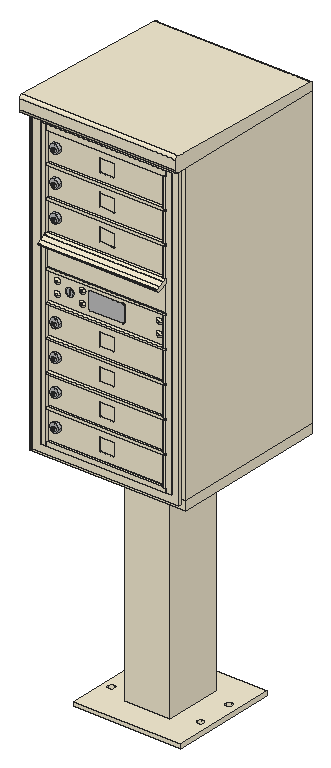
Revit family "Mailboxes_4C-Salsbury_Industries-Pedestal_Mounted-9_Door_High_Units", category Specialty Equipment, Revit 2016 (continued)
Definition of nested family "Mailboxes_4C-Salsbury_Industries-Front_Load-9_Door_High_Units"
  Dimensions and locks (in)
    aligned and locked: plane 14 "Bottom Horiz Trim Align" to curve 3
    aligned and locked: plane 51 "Row 9 Top Align" to nested 8
    aligned and locked: plane 53 "Row 7 Top Align" to nested 15
    aligned and locked: plane 53 "Row 7 Top Align" to nested 6
    aligned and locked: plane 54 "Row 6 Top Align" to nested 5
    aligned and locked: plane 56 "Row 4 Top Align" to nested 3
    aligned and locked: plane 56 "Row 4 Top Align" to nested 12
    aligned and locked: plane 52 "Row 8 Top Align" to nested 7
    aligned and locked: plane 55 "Row 5 Top Align" to nested 4
    aligned and locked: plane 54 "Row 6 Top Align" to nested 14
    aligned and locked: plane 31 "Door Alignment" to nested 18
    aligned and locked: plane 20 "Bottom Horiz Door Align" to nested 9
    aligned and locked: plane 20 "Bottom Horiz Door Align" to nested 18
    aligned and locked: plane 55 "Row 5 Top Align" to nested 13
    aligned and locked: plane 31 "Door Alignment" to nested 13
    aligned and locked: plane 91 to curve 13
  Automatic sketch dimensions
    Extrusion 2 sketch curve to plane 13 "Top Horiz Trim Align" = 0.000"
    Extrusion 2 sketch curve to plane 14 "Bottom Horiz Trim Align" = 0.000"
    plane 15 "Left Trim Align" to Extrusion 2 sketch curve = 0.000"
    Extrusion 2 sketch curve to plane 16 "Right Trim Align" = 0.000"
    Extrusion 3 sketch curve to plane 13 "Top Horiz Trim Align" = 0.000"
    plane 14 "Bottom Horiz Trim Align" to Extrusion 3 sketch curve = 0.000"
    plane 16 "Right Trim Align" to Extrusion 3 sketch curve = 0.000"
    Extrusion 3 sketch curve to plane 18 "Right Door Align" = 0.000"
    plane 13 "Top Horiz Trim Align" to Extrusion 5 sketch curve = 0.000"
    Extrusion 5 sketch curve to plane 14 "Bottom Horiz Trim Align" = 0.000"
    Extrusion 5 sketch curve to plane 15 "Left Trim Align" = 0.000"
    plane 17 "Left Door Align" to Extrusion 5 sketch curve = 0.000"
    plane 13 "Top Horiz Trim Align" to Extrusion 6 sketch curve = 0.000"
    Extrusion 6 sketch curve to plane 17 "Left Door Align" = 0.000"
    Extrusion 6 sketch curve to plane 18 "Right Door Align" = 0.000"
    Extrusion 6 sketch curve to plane 19 "Top Horiz Door Align" = 0.000"
    plane 4 "15" AFF" to Extrusion 4 sketch curve = 0.000"
    Extrusion 4 sketch curve to plane 14 "Bottom Horiz Trim Align" = 0.000"
    Extrusion 4 sketch curve to plane 17 "Left Door Align" = 0.000"
    Extrusion 4 sketch curve to plane 18 "Right Door Align" = 0.000"
    plane 21 "Front Face of Unit" to curve 12 = 1.165"
    curve 9 to Extrusion 8 = 0.000"
    curve 9 to plane 11 "Right Side of Unit" = 0.000"
    curve 7 to plane 21 "Front Face of Unit" = 0.000"
    curve 6 to plane 9 "Top of Unit" = 0.000"
    curve 5 to plane 18 "Right Door Align" = 0.000"
    Extrusion 8 sketch curve to Extrusion 8 sketch curve = 120.000"  (x2)
    Extrusion 7 sketch curve to plane 14 "Bottom Horiz Trim Align" = 0.000"
    Extrusion 7 sketch curve to plane 13 "Top Horiz Trim Align" = 0.000"
    plane 71 "Right Latch Align" to Extrusion 7 sketch curve = 0.000"
    plane 72 "Left Latch Align" to Extrusion 7 sketch curve = 0.000"
    curve 9 to plane 10 "Left Side of Unit" = 0.000"
  Nested families (in)
    nested 1: "3700 Series 4C Door Configurations" at (7.37475, -0.20495, 56) x (-1, 0, 0) z (0, 0, 1), type <- "Door Slot R1", Door Number <- "Door Slot R1 Number", type "MB1 Door"
      with Door Number "1"
    nested 2: "3700 Series 4C Door Configurations" at (7.37475, -0.20495, 52.5) x (-1, 0, 0) z (0, 0, 1), type <- "Door Slot R2", Door Number <- "Door Slot R2 Number", type "MB1 Door w/ Divider"
      with Door Number "2"
    nested 3: "3700 Series 4C Door Configurations" at (7.37475, -0.20495, 49) x (-1, 0, 0) z (0, 0, 1), type <- "Door Slot R3", Door Number <- "Door Slot R3 Number", type "MB1 Door w/ Divider"
      with Door Number "3"
    nested 4: "3700 Series 4C Door Configurations" at (7.37475, -0.20495, 45.5) x (-1, 0, 0) z (0, 0, 1), type <- "Door Slot R4", Door Number <- "Door Slot R4 Number", type "Empty"
      with Door Number "0"
    nested 5: "3700 Series 4C OM2 Configuration" at (7.37475, -0.20495, 42) x (-1, 0, 0) z (0, 0, 1), type <- "Door Slot R5", Door Number <- "Door Slot R5 Number", type "OM2-FL"
      with Door Number "0"
    nested 6: "3700 Series 4C Door Configurations" at (7.37475, -0.20495, 38.5) x (-1, 0, 0) z (0, 0, 1), type <- "Door Slot R6", Door Number <- "Door Slot R6 Number", type "MB1 Door w/ Divider"
      with Door Number "4"
    nested 7: "3700 Series 4C Door Configurations" at (7.37475, -0.20495, 35) x (-1, 0, 0) z (0, 0, 1), type <- "Door Slot R7", Door Number <- "Door Slot R7 Number", type "MB1 Door w/ Divider"
      with Door Number "5"
    nested 8: "3700 Series 4C Door Configurations" at (7.37475, -0.20495, 31.5) x (-1, 0, 0) z (0, 0, 1), type <- "Door Slot R8", Door Number <- "Door Slot R8 Number", type "MB1 Door w/ Divider"
      with Door Number "6"
    nested 9: "3700 Series 4C Door Configurations" at (7.37475, -0.20495, 28) x (-1, 0, 0) z (0, 0, 1), type <- "Door Slot R9", Door Number <- "Door Slot R9 Number", type "MB1 Door w/ Divider"
      with Door Number "7"
    nested 10: "3700 Series 4C Door Configurations" at (7.37891, -0.20495, 56) x (-1, 0, 0) z (0, 0, 1), type <- "Door Slot L1", Door Number <- "Door Slot L1 Number", type "Empty"
      with Door Number "0"
    nested 11: "3700 Series 4C Door Configurations" at (7.37891, -0.20495, 52.5) x (-1, 0, 0) z (0, 0, 1), type <- "Door Slot L2", Door Number <- "Door Slot L2 Number", type "Empty"
      with Door Number "0"
    nested 12: "3700 Series 4C Door Configurations" at (7.37891, -0.20495, 49) x (-1, 0, 0) z (0, 0, 1), type <- "Door Slot L3", Door Number <- "Door Slot L3 Number", type "Empty"
      with Door Number "0"
    nested 13: "3700 Series 4C Door Configurations" at (7.37891, -0.20495, 45.5) x (-1, 0, 0) z (0, 0, 1), type <- "Door Slot L4", Door Number <- "Door Slot L4 Number", type "Empty"
      with Door Number "0"
    nested 14: "3700 Series 4C Door Configurations" at (7.37891, -0.20495, 42) x (-1, 0, 0) z (0, 0, 1), type <- "Door Slot L5", Door Number <- "Door Slot L5 Number", type "Empty"
      with Door Number "0"
    nested 15: "3700 Series 4C Door Configurations" at (7.37891, -0.20495, 38.5) x (-1, 0, 0) z (0, 0, 1), type <- "Door Slot L6", Door Number <- "Door Slot L6 Number", type "Empty"
      with Door Number "0"
    nested 16: "3700 Series 4C Door Configurations" at (7.37891, -0.20495, 35) x (-1, 0, 0) z (0, 0, 1), type <- "Door Slot L7", Door Number <- "Door Slot L7 Number", type "Empty"
      with Door Number "0"
    nested 17: "3700 Series 4C Door Configurations" at (7.37891, -0.20495, 31.5) x (-1, 0, 0) z (0, 0, 1), type <- "Door Slot L8", Door Number <- "Door Slot L8 Number", type "Empty"
      with Door Number "0"
    nested 18: "3700 Series 4C Door Configurations" at (7.37891, -0.20495, 28) x (-1, 0, 0) z (0, 0, 1), type <- "Door Slot L9", Door Number <- "Door Slot L9 Number", type "Empty"
      with Door Number "0"
  Definition of nested family "3700 Series 4C Door Configurations"
    Parameters (values of type "MB3 Door")
      Weight = "15 lbs."
      Visible Door Number = yes
      URL = ""
      Model = "3700MB3"
      Manufacturer = "Salsbury Industries"
      Lock Material = none
      Inset Offset = 0.000"
      Front Panel Material = none
      Door Width = 13.375"
      Door Visibility-MB1 = yes
      Door Number [instance] = "101"
      Door Lock = yes
      Door Height = 10.23047"
      Door Divider = no
      Door Depth = 0.25391"
      Description = "MB3 Door for 3700 Series 4C Mailboxes"
      Cost = 0
      Center Lock-Vertical = 0.875"
      Center Lock-Horizontal = 1.61523"
    Types (11): name | Weight | Visible Door Number | Model | Inset Offset | Door Visibility-MB1 | Door Lock | Door Height | Door Divider | Description
      MB1 Door w/ Divider | "5 lbs." | yes | "3700MB1" | 0.000" | yes | yes | 3.23047" | yes | "MB1 Door for 3700 Series 4C Mailboxes"
      MB1 Door | "5 lbs." | yes | "3700MB1" | 0.000" | yes | yes | 3.23047" | no | "MB1 Door for 3700 Series 4C Mailboxes"
      MB2 Door | "10 lbs." | yes | "3700MB2" | 0.000" | yes | yes | 6.73047" | no | "MB2 Door for 3700 Series 4C Mailboxes"
      MB2 Door w/ Divider | "10 lbs." | yes | "3700MB2" | 0.000" | yes | yes | 6.73047" | yes | "MB2 Door for 3700 Series 4C Mailboxes"
      MB3 Door | "15 lbs." | yes | "3700MB3" | 0.000" | yes | yes | 10.23047" | no | "MB3 Door for 3700 Series 4C Mailboxes"
      MB3 Door w/ Divider | "15 lbs." | yes | "3700MB3" | 0.000" | yes | yes | 10.23047" | yes | "MB3 Door for 3700 Series 4C Mailboxes"
      MB4 Door | "20 lbs." | yes | "3700MB4" | 0.000" | yes | yes | 13.73047" | no | "MB4 Door for 3700 Series 4C Mailboxes"
      MB4 Door w/ Divider | "20 lbs." | yes | "3700MB4" | 0.000" | yes | yes | 13.73047" | yes | "MB4 Door for 3700 Series 4C Mailboxes"
      Blank Door | "5 lbs." | no | "3700MB1" | 0.18359" | yes | no | 3.23047" | no | "MB1 Door for 3700 Series 4C Mailboxes"
      Blank Door w/ Divider | "5 lbs." | no | "3700MB1" | 0.18402" | yes | no | 3.23047" | yes | "MB1 Door for 3700 Series 4C Mailboxes"
      Empty | "5 lbs." | no | "Empty MB1" | 0.18359" | no | no | 3.23047" | no | "Empty MB1 Door for 3700 Series 4C Mailboxes"
    Reference planes (in)
      plane 1 "Center (Front/Back)": y = 0
      plane 2 "Bottom of Door": z = 0
      plane 3 "Center (Left/Right)": x = 0
      plane 4 "Left Side Face of Door": x = -6.6875
      plane 5 "Right Side Face of Door": x = 6.6875
      plane 6 "Back Face of Door": y = 0.12695
      plane 7 "Front Face of Door": y = -0.12695
      plane 8: z = 10.23047
      plane 9: z = 5.11523
      plane 10 "Face of Divider": y = -0.46995
      plane 11 "Center Lock Vertical": x = -5.8125
      plane 12 "Center Lock Horizontal": z = 1.61523
      plane 13 "Face of Lock": y = -0.42383
      plane 14 "Divider Height Align": z = 10.50047
      plane 15 "Inset Center": x = -0.0975
      plane 16 "Inset Offset": y = -0.12695
      plane 17: z = 5.49038
      plane 18: z = 4.74072
    Forms (in)
      Extrusion 1, solid, material <- "Front Panel Material", visible <- "Door Visibility-MB1"
        sketch origin (0, 0, 0) x (1, 0, 0) y (0, 1, 0)
          loop
            line (-6.4355, 0.12695) -> (-6.6875, -0.05445) -> (-6.6875, -0.12695) -> (6.05625, -0.12695)
            arc (6.05625, -0.12695) -> (6.19558, -0.17661) -> (6.27209, -0.3032) r 0.22029
            arc (6.27209, -0.3032) -> (6.3553, -0.42132) -> (6.4925, -0.46664) r 0.23034
            arc (6.4925, -0.46664) -> (6.63039, -0.40952) -> (6.6875, -0.27164) r 0.195
            line (6.6875, -0.27164) -> (6.6875, 0.12695) -> (-6.4355, 0.12695)
        from 0 to 10.23047
      Blend 2, solid, material <- "Lock Material", visible <- "Door Lock"
        base sketch origin (0, -0.12695, 0) x (-1, 0, 0) y (0, 0, 1)
          loop
            circle (5.8125, 5.11523) r 0.525
        top sketch origin (0, -0.12695, 0) x (-1, 0, 0) y (0, 0, 1)
          loop
            circle (5.8125, 5.11523) r 0.485
        from 0 to -0.29688
      Extrusion 3, solid, material <- "Front Panel Material", visible <- "Door Divider"
        sketch origin (0, 0, 10.50047) x (-1, 0, 0) y (0, -1, 0)
          loop
            line (6.6875, -0.12695) -> (6.6875, 0.46995) -> (-6.6875, 0.46995) -> (-6.6875, -0.12695) -> (6.6875, -0.12695)
        from -0.27 to 0
      Extrusion 4, void, detail levels fine
        sketch origin (0, -0.42383, 0) x (1, 0, 0) y (0, 0, 1)
          loop
            circle (-5.8125, 4.99523) r 0.285
        from 0 to -0.01562
      Extrusion 5, void, detail levels fine
        sketch origin (0, -0.42383, 0) x (1, 0, 0) y (0, 0, 1)
          loop
            line (-5.84183, 5.12353) -> (-5.84183, 4.82353) -> (-5.78183, 4.82353) -> (-5.78183, 5.12353) -> (-5.84183, 5.12353)
        from 0 to -0.03906
      Extrusion 6, void, detail levels fine
        sketch origin (0, -0.12695, 0) x (0, 0, 1) y (-1, 0, 0)
          loop
            arc (5.86523, 0.8475) -> (5.82862, 0.93589) -> (5.74023, 0.9725) r 0.125
            line (5.74023, 0.9725) -> (4.49023, 0.9725)
            arc (4.49023, 0.9725) -> (4.40185, 0.93589) -> (4.36523, 0.8475) r 0.125
            line (4.36523, 0.8475) -> (4.36523, -0.6525)
            arc (4.36523, -0.6525) -> (4.40185, -0.74089) -> (4.49023, -0.7775) r 0.125
            line (4.49023, -0.7775) -> (5.74023, -0.7775)
            arc (5.74023, -0.7775) -> (5.82862, -0.74089) -> (5.86523, -0.6525) r 0.125
            line (5.86523, -0.6525) -> (5.86523, 0.8475)
        from 0 to -0.03906
    Cuts and joins
      Extrusion 4, Extrusion 5 cuts Blend 2
      Extrusion 6 cuts Extrusion 1
    Lines and regions (in)
      symbolic lines
        curve 1: circle (-5.8125, 0, 5.11523) r 0.53054 normal (0, -1, 0)
    Dimensions and locks (in)
      equal spacing: plane 6 "Back Face of Door", plane 1 "Center (Front/Back)", plane 7 "Front Face of Door"
      "Door Depth": plane 6 "Back Face of Door" to plane 7 "Front Face of Door"
      equal spacing: plane 4 "Left Side Face of Door", plane 3 "Center (Left/Right)", plane 5 "Right Side Face of Door"  (x2)
      "Door Width": plane 4 "Left Side Face of Door" to plane 5 "Right Side Face of Door"
      locked: plane 7 "Front Face of Door" to plane 10 "Face of Divider" at 0.343
      "Center Lock-Vertical": plane 4 "Left Side Face of Door" to plane 11 "Center Lock Vertical"
      "Inset Offset": plane 16 "Inset Offset" to plane 7 "Front Face of Door"
      plane 4 "Left Side Face of Door" to plane 5 "Right Side Face of Door" = 13.375"
      plane 6 "Back Face of Door" to plane 10 "Face of Divider" = 0.59691"
      "Door Height": plane 8 to plane 2 "Bottom of Door"
      equal spacing: plane 8, plane 9, plane 2 "Bottom of Door"
      locked: plane 14 "Divider Height Align" to plane 8 at 0.27
      plane 17 to plane 9 to plane 18 = 0.37515" locked, 0.37452" locked
      aligned and locked: level to plane 2 "Bottom of Door"
      aligned and locked: plane 4 "Left Side Face of Door" to Extrusion 1
      aligned and locked: plane 6 "Back Face of Door" to Extrusion 1
      aligned and locked: plane 7 "Front Face of Door" to Extrusion 1
      aligned and locked: plane 8 to Extrusion 1
      aligned and locked: Extrusion 3 sketch curve to plane 4 "Left Side Face of Door"
      aligned and locked: Extrusion 3 sketch curve to plane 6 "Back Face of Door"
      aligned and locked: plane 5 "Right Side Face of Door" to Extrusion 3 sketch curve
      aligned and locked: Extrusion 3 to plane 8
      aligned and locked: plane 10 "Face of Divider" to Extrusion 3 sketch curve
      aligned and locked: plane 14 "Divider Height Align" to Extrusion 3
      aligned and locked: cut or joined group of Extrusion 1, Extrusion 6 to plane 2 "Bottom of Door"
      aligned and locked: plane 18 to text3d elem
    Automatic sketch dimensions
      Extrusion 1 sketch curve to plane 4 "Left Side Face of Door" = 0.000"
      Extrusion 1 sketch curve to plane 6 "Back Face of Door" = 0.000"
      Extrusion 1 sketch curve to plane 7 "Front Face of Door" = 0.000"
      Extrusion 1 sketch curve to plane 5 "Right Side Face of Door" = 0.000"
      Extrusion 1 sketch curve to plane 4 "Left Side Face of Door" = 0.252"
      plane 5 "Right Side Face of Door" to Extrusion 1 sketch curve = 0.63125"
      Extrusion 1 sketch curve to plane 7 "Front Face of Door" = 0.10935"
      plane 5 "Right Side Face of Door" to Extrusion 1 sketch curve = 0.195"
      Extrusion 1 sketch curve to plane 7 "Front Face of Door" = 0.14468"
      plane 10 "Face of Divider" to Extrusion 1 sketch curve = 0.12271"
      plane 1 "Center (Front/Back)" to Extrusion 1 sketch curve = 0.05445"
      plane 10 "Face of Divider" to Extrusion 1 sketch curve = 0.16676"
      Blend 2 sketch curve to plane 9 = 0.000"  (x2)
      plane 11 "Center Lock Vertical" to Blend 2 sketch curve = 0.000"  (x2)
      plane 11 "Center Lock Vertical" to Extrusion 4 sketch curve = 0.000"
      Extrusion 4 sketch curve to plane 9 = 0.120"
      Extrusion 4 sketch curve to Extrusion 4 sketch curve = 0.285"
      plane 11 "Center Lock Vertical" to Extrusion 5 sketch curve = 0.02933"
      Extrusion 5 sketch curve to plane 11 "Center Lock Vertical" = 0.03067"
      Extrusion 5 sketch curve to plane 9 = 0.2917"
      plane 9 to Extrusion 5 sketch curve = 0.0083"
      Extrusion 6 sketch curve to plane 9 = 0.750"
      Extrusion 6 sketch curve to Extrusion 6 sketch curve = 0.125"  (x3)
      plane 9 to Extrusion 6 sketch curve = 0.625"  (x2)
      plane 3 "Center (Left/Right)" to Extrusion 6 sketch curve = 0.7775"
      plane 15 "Inset Center" to Extrusion 6 sketch curve = 0.750"
      curve 1 to plane 9 = 0.000"
      plane 11 "Center Lock Vertical" to curve 1 = 0.000"
      radius of Blend 2 sketch curve = 0.525"
      radius of Blend 2 sketch curve = 0.485"
      radius of curve 1 = 0.53054"
  Definition of nested family "3700 Series 4C OM2 Configuration"
    Parameters (values of type "OM2-FL")
      Weight = ""
      URL = ""
      Access Lock Offset = 0.000"
      Access Lock = yes
      Model = "3700OM2-FL"
      Manufacturer = "Salsbury Industries"
      Lock Material = none
      Front Panel Material = none
      Door Width = 13.375"
      Door Number [instance] = "101"
      Door Height = 7.00047"
      Door Depth = 0.25391"
      Description = "OM2 Door for 3700 Series 4C Mailboxes-Front Loading"
      Cost = 0
      Center Lock-Vertical = 2.360"
      Center Lock-Horizontal = 1.61523"
    Types (3): name | Access Lock Offset | Access Lock | Model | Description
      (no name) | 0.000" | yes | "3700OM2-FL" | "OM2 Door for 3700 Series 4C Mailboxes-Front Loading"
      OM2-FL | 0.000" | yes | "3700OM2-FL" | "OM2 Door for 3700 Series 4C Mailboxes-Front Loading"
      OM2-RL | 0.3125" | no | "3700OM2-RL" | "OM2 Door for 3700 Series 4C Mailboxes-Rear Loading"
    Reference planes (in)
      plane 1 "Center (Front/Back)": y = 0
      plane 2 "Bottom of Door": z = 0
      plane 3 "Center (Left/Right)": x = 0
      plane 4 "Left Side Face of Door": x = -6.6875
      plane 5 "Right Side Face of Door": x = 6.6875
      plane 6 "Back Face of Door": y = 0.12695
      plane 7 "Front Face of Door": y = -0.12695
      plane 8: z = 3.23047
      plane 9: z = 1.61523
      plane 10: y = -0.46995
      plane 11 "Center Lock Vertical": x = -4.3275
      plane 12 "Center Lock Horizontal": z = 1.61523
      plane 13 "Face of Lock": y = -0.42383
      plane 14 "Divider Height Align": z = 3.50047
      plane 15 "Plate Center": x = -0.16063
      plane 16 "Left Stud Align": x = -5.7025
      plane 17 "Right Stud Align": x = -2.8895
      plane 18 "Top Stud Align": z = 2.27147
      plane 19 "Bottom Stud Align": z = 0.95947
      plane 20 "Hinge Stud Align": x = 5.6875
      plane 21 "Mail Plate Top": z = 2.61547
      plane 22 "Mail Plate Bottom": z = 0.61547
      plane 23: x = -2.1595
      plane 24: x = 1.8405
      plane 25 "Face of Mail Plate": y = -0.16602
      plane 26 "Top of Mail Drop Door": z = 6.73094
      plane 27 "Top of Mail Drop Divider": z = 7.00047
      plane 28 "Face of Mail Drop": y = -0.31995
      plane 29 "Top of Mail Slot": z = 6.42087
      plane 30 "Bottom of Mail Slot": z = 5.67087
      plane 31 "Left Edge of Mail Slot": x = -5.3755
      plane 32 "Right Edge of Mail Slot": x = 5.3755
      plane 33 "Mail Slot Bottom Protusion": z = 6.50987
      plane 34: y = -0.49395
      plane 35: z = 6.15637
      plane 36 "Front of Awning": y = -1.63495
      plane 37: y = -1.15685
      plane 38 "Mail Slot Slope": through (-240, -0.44582, 6.9722) normal (0, -0.5, 0.866)
      plane 39 "Access Lock Offset": y = 0.12695
    Forms (in)
      Extrusion 1, solid, material <- "Front Panel Material"
        sketch origin (0, 0, 0) x (1, 0, 0) y (0, 1, 0)
          loop
            line (-6.4355, 0.12695) -> (-6.6875, -0.05445) -> (-6.6875, -0.12695) -> (6.05625, -0.12695)
            arc (6.05625, -0.12695) -> (6.19558, -0.17661) -> (6.27209, -0.3032) r 0.22029
            arc (6.27209, -0.3032) -> (6.3553, -0.42132) -> (6.4925, -0.46664) r 0.23034
            arc (6.4925, -0.46664) -> (6.63039, -0.40952) -> (6.6875, -0.27164) r 0.195
            line (6.6875, -0.27164) -> (6.6875, 0.12695) -> (-6.4355, 0.12695)
        from 0 to 3.23047
      Extrusion 2, solid, material <- "Front Panel Material"
        sketch origin (0, 0, 3.50047) x (-1, 0, 0) y (0, -1, 0)
          loop
            line (6.6875, -0.12695) -> (6.6875, 0.46995) -> (-6.6875, 0.46995) -> (-6.6875, -0.12695) -> (6.6875, -0.12695)
        from -0.27 to 0
      Extrusion 3, void
        sketch origin (0, 0.12695, 0) x (0, 0, -1) y (-1, 0, 0)
          loop
            circle (-1.61523, 4.3275) r 0.4375
        from 0 to -0.25391
      Extrusion 4, solid, material <- "Lock Material", visible <- "Access Lock"
        sketch origin (0, 0.12695, 0) x (0, 0, -1) y (-1, 0, 0)
          loop
            circle (-1.61523, 4.3275) r 0.42913
        from 0 to -0.25391
      Extrusion 5, void, detail levels fine
        sketch origin (0, 0.12695, 3.4) x (-1, 0, 0) y (0, 0, 1)
          loop
            line (4.3568, -1.47517) -> (4.2982, -1.47517) -> (4.2982, -2.09436) -> (4.3568, -2.09436) -> (4.3568, -1.47517)
        from -0.12695 to -0.25391
      Blend 6, solid, material <- "Front Panel Material", detail levels medium+fine
        base sketch origin (0, -0.12695, 2.68123) x (-1, 0, 0) y (0, 0, 1)
          loop
            circle (5.7025, -0.40977) r 0.15665
        top sketch origin (0, -0.12695, 2.68123) x (-1, 0, 0) y (0, 0, 1)
          loop
            circle (5.7025, -0.40977) r 0.3125
        from -0.11328 to 0
      Blend 7, solid, material <- "Front Panel Material", detail levels medium+fine
        base sketch origin (1.3125, -0.12695, 2.68123) x (-1, 0, 0) y (0, 0, 1)
          loop
            circle (4.202, -0.40977) r 0.15665
        top sketch origin (1.3125, -0.12695, 2.68123) x (-1, 0, 0) y (0, 0, 1)
          loop
            circle (4.202, -0.40977) r 0.3125
        from -0.11328 to 0
      Blend 8, solid, material <- "Front Panel Material", detail levels medium+fine
        base sketch origin (0, -0.12695, 1.36923) x (-1, 0, 0) y (0, 0, 1)
          loop
            circle (5.7025, -0.40977) r 0.15665
        top sketch origin (0, -0.12695, 1.36923) x (-1, 0, 0) y (0, 0, 1)
          loop
            circle (5.7025, -0.40977) r 0.3125
        from -0.11328 to 0
      Blend 9, solid, material <- "Front Panel Material", detail levels medium+fine
        base sketch origin (1.3125, -0.12695, 1.36923) x (-1, 0, 0) y (0, 0, 1)
          loop
            circle (4.202, -0.40977) r 0.15665
        top sketch origin (1.3125, -0.12695, 1.36923) x (-1, 0, 0) y (0, 0, 1)
          loop
            circle (4.202, -0.40977) r 0.3125
        from -0.11328 to 0
      Blend 10, solid, material <- "Front Panel Material", detail levels medium+fine
        base sketch origin (9.8895, -0.12695, 2.68123) x (-1, 0, 0) y (0, 0, 1)
          loop
            circle (4.202, -0.40977) r 0.15665
        top sketch origin (9.8895, -0.12695, 2.68123) x (-1, 0, 0) y (0, 0, 1)
          loop
            circle (4.202, -0.40977) r 0.3125
        from -0.11328 to 0
      Blend 11, solid, material <- "Front Panel Material", detail levels medium+fine
        base sketch origin (9.8895, -0.12695, 1.36923) x (-1, 0, 0) y (0, 0, 1)
          loop
            circle (4.202, -0.40977) r 0.15665
        top sketch origin (9.8895, -0.12695, 1.36923) x (-1, 0, 0) y (0, 0, 1)
          loop
            circle (4.202, -0.40977) r 0.3125
        from -0.11328 to 0
      Extrusion 12, solid, material <- "Lock Material"
        sketch origin (0, -0.12695, 0) x (-1, 0, 0) y (0, 0, 1)
          loop
            line (1.96028, 2.61547) -> (-1.64128, 2.61547)
            arc (-1.64128, 2.61547) -> (-1.78215, 2.55712) -> (-1.8405, 2.41625) r 0.19922
            line (-1.8405, 2.41625) -> (-1.8405, 0.81469)
            arc (-1.8405, 0.81469) -> (-1.78215, 0.67382) -> (-1.64128, 0.61547) r 0.19922
            line (-1.64128, 0.61547) -> (1.96028, 0.61547)
            arc (1.96028, 0.61547) -> (2.10115, 0.67382) -> (2.1595, 0.81469) r 0.19922
            line (2.1595, 0.81469) -> (2.1595, 2.41625)
            arc (2.1595, 2.41625) -> (2.10115, 2.55712) -> (1.96028, 2.61547) r 0.19922
        from 0 to -0.03906
      Extrusion 13, solid, material <- "Front Panel Material"
        sketch origin (-2.13946, 0, 3.50047) x (-1, 0, 0) y (0, -1, 0)
          loop
            line (4.54804, -0.12695) -> (4.54804, 0.31995) -> (-8.82696, 0.31995) -> (-8.82696, -0.12695) -> (4.54804, -0.12695)
        from 0 to 3.0094
      Extrusion 14, void
        sketch origin (0, -0.31995, 0) x (0, 0, -1) y (-1, 0, 0)
          loop
            arc (-5.67087, 5.0005) -> (-6.04587, 5.3755) -> (-6.42087, 5.0005) r 0.375
            line (-6.42087, 5.0005) -> (-6.42087, -5.0005)
            arc (-6.42087, -5.0005) -> (-6.04587, -5.3755) -> (-5.67087, -5.0005) r 0.375
            line (-5.67087, -5.0005) -> (-5.67087, 5.0005)
        from 0 to 0.44691
      Extrusion 15, solid, material <- "Front Panel Material"
        sketch origin (0, 0, 0) x (0, 1, 0) y (0, 0, 1)
          loop
            line (0.12695, 6.50987) -> (0.12695, 7.00047) -> (-0.46995, 7.00047) -> (-0.75605, 6.83078) -> (-0.73973, 6.80251) -> (-1.27431, 6.49388) -> (-1.29063, 6.52214) -> (-1.61027, 6.3376)
            arc (-1.61027, 6.3376) -> (-1.63087, 6.31111) -> (-1.62714, 6.27777) r 0.04454
            line (-1.62714, 6.27777) -> (-1.5282, 6.17883)
            arc (-1.5282, 6.17883) -> (-1.4937, 6.16211) -> (-1.4558, 6.15637) r 0.12791
            line (-1.4558, 6.15637) -> (-1.10623, 6.15637) -> (-0.49395, 6.50987) -> (0.12695, 6.50987)
        from -6.6875 to 6.6875
    Cuts and joins
      Extrusion 3 cuts Extrusion 1
      Extrusion 5 cuts Extrusion 4
      Extrusion 14 cuts Extrusion 13
    Lines and regions (in)
      symbolic lines
        curve 1: circle (-5.7025, -0.12695, 2.27147) r 0.3125 normal (0, 1, 0)
        curve 2: circle (-5.7025, -0.12695, 0.95947) r 0.3125 normal (0, 1, 0)
        curve 3: circle (-2.8895, -0.12695, 0.95947) r 0.3125 normal (0, 1, 0)
        curve 4: circle (-2.8895, -0.12695, 2.27147) r 0.3125 normal (0, 1, 0)
        curve 5: circle (-4.3275, -0.12695, 1.61523) r 0.42913 normal (0, 1, 0)
        curve 6: circle (5.6875, -0.12695, 0.95947) r 0.3125 normal (0, 1, 0)
        curve 7: circle (5.6875, -0.12695, 2.27147) r 0.3125 normal (0, 1, 0)
        curve 8: arc (-2.1595, -0.12695, 2.41625) -> (-2.10115, -0.12695, 2.55712) -> (-1.96028, -0.12695, 2.61547) r 0.19922
        curve 9: arc (1.8405, -0.12695, 2.41625) -> (1.78215, -0.12695, 2.55712) -> (1.64128, -0.12695, 2.61547) r 0.19922
        curve 10: arc (1.8405, -0.12695, 0.81469) -> (1.78215, -0.12695, 0.67382) -> (1.64128, -0.12695, 0.61547) r 0.19922
        curve 11: arc (-1.96028, -0.12695, 0.61547) -> (-2.10115, -0.12695, 0.67382) -> (-2.1595, -0.12695, 0.81469) r 0.19922
        curve 12: line (-2.1595, -0.12695, 0.81469) -> (-2.1595, -0.12695, 2.41625)
        curve 13: line (-1.96028, -0.12695, 2.61547) -> (1.64128, -0.12695, 2.61547)
        curve 14: line (1.8405, -0.12695, 2.41625) -> (1.8405, -0.12695, 0.81469)
        curve 15: line (1.64128, -0.12695, 0.61547) -> (-1.96028, -0.12695, 0.61547)
    Dimensions and locks (in)
      equal spacing: plane 6 "Back Face of Door", plane 1 "Center (Front/Back)", plane 7 "Front Face of Door"
      "Door Depth": plane 6 "Back Face of Door" to plane 7 "Front Face of Door"
      equal spacing: plane 4 "Left Side Face of Door", plane 3 "Center (Left/Right)", plane 5 "Right Side Face of Door"
      "Door Width": plane 4 "Left Side Face of Door" to plane 5 "Right Side Face of Door"
      plane 8 to level = 3.23047"
      equal spacing: plane 8, plane 9, level
      locked: plane 7 "Front Face of Door" to plane 10 at 0.343
      "Center Lock-Vertical": plane 4 "Left Side Face of Door" to plane 11 "Center Lock Vertical"
      "Center Lock-Horizontal": plane 8 to plane 12 "Center Lock Horizontal"
      locked: plane 14 "Divider Height Align" to plane 8 at 0.27
      plane 4 "Left Side Face of Door" to plane 16 "Left Stud Align" to plane 17 "Right Stud Align" = 0.985", 2.813"
      plane 8 to plane 18 "Top Stud Align" to plane 19 "Bottom Stud Align" = 0.959", 1.312"
      plane 20 "Hinge Stud Align" to plane 5 "Right Side Face of Door" = 1.000"
      plane 8 to plane 21 "Mail Plate Top" to plane 22 "Mail Plate Bottom" = 0.615", 2.000"
      plane 4 "Left Side Face of Door" to plane 23 to plane 24 = 4.528", 4.000"
      plane 27 "Top of Mail Drop Divider" to plane 26 "Top of Mail Drop Door" to plane 14 "Divider Height Align" = 0.26953" locked, 3.23047"
      "Door Height": plane 27 "Top of Mail Drop Divider" to level
      plane 28 "Face of Mail Drop" to plane 10 = 0.150"
      locked: plane 27 "Top of Mail Drop Divider" to plane 29 "Top of Mail Slot" at 0.5796
      locked: plane 29 "Top of Mail Slot" to plane 30 "Bottom of Mail Slot" at 0.75
      locked: plane 4 "Left Side Face of Door" to plane 31 "Left Edge of Mail Slot" at 1.312
      locked: plane 32 "Right Edge of Mail Slot" to plane 5 "Right Side Face of Door" at 1.312
      locked: plane 33 "Mail Slot Bottom Protusion" to plane 29 "Top of Mail Slot" at 0.089
      plane 28 "Face of Mail Drop" to plane 34 = 0.174"
      plane 33 "Mail Slot Bottom Protusion" to plane 35 = 0.3535"
      plane 28 "Face of Mail Drop" to plane 36 "Front of Awning" = 1.315"
      plane 4 "Left Side Face of Door" to plane 5 "Right Side Face of Door" = 13.375"
      plane 6 "Back Face of Door" to plane 36 "Front of Awning" = 1.76191"
      "Access Lock Offset": plane 39 "Access Lock Offset" to plane 6 "Back Face of Door"
      aligned and locked: level to plane 2 "Bottom of Door"
      aligned and locked: plane 4 "Left Side Face of Door" to Extrusion 1
      aligned and locked: plane 6 "Back Face of Door" to Extrusion 1
      aligned and locked: plane 7 "Front Face of Door" to Extrusion 1
      aligned and locked: Extrusion 1 to level
      aligned and locked: plane 8 to Extrusion 1
      aligned and locked: Extrusion 2 sketch curve to plane 4 "Left Side Face of Door"
      aligned and locked: Extrusion 2 sketch curve to plane 6 "Back Face of Door"
      aligned and locked: plane 5 "Right Side Face of Door" to Extrusion 2 sketch curve
      aligned and locked: Extrusion 2 to plane 8
      aligned and locked: plane 10 to Extrusion 2 sketch curve
      aligned and locked: plane 14 "Divider Height Align" to Extrusion 2
      aligned and locked: plane 4 "Left Side Face of Door" to Extrusion 2
      aligned and locked: Extrusion 2 to plane 5 "Right Side Face of Door"
      aligned and locked: Extrusion 13 to plane 28 "Face of Mail Drop"
      aligned and locked: plane 29 "Top of Mail Slot" to Extrusion 14 sketch curve
      aligned and locked: cut or joined group of Extrusion 13, Extrusion 14 to cut or joined group of Extrusion 13, Extrusion 14
      aligned and locked: cut or joined group of Extrusion 1, Extrusion 3 to plane 2 "Bottom of Door"
    Automatic sketch dimensions
      Extrusion 1 sketch curve to plane 4 "Left Side Face of Door" = 0.000"
      Extrusion 1 sketch curve to plane 6 "Back Face of Door" = 0.000"
      Extrusion 1 sketch curve to plane 7 "Front Face of Door" = 0.000"
      Extrusion 1 sketch curve to plane 5 "Right Side Face of Door" = 0.000"
      Extrusion 1 sketch curve to plane 4 "Left Side Face of Door" = 0.252"
      Extrusion 1 sketch curve to plane 20 "Hinge Stud Align" = 0.36875"
      Extrusion 1 sketch curve to plane 25 "Face of Mail Plate" = 0.07029"
      plane 5 "Right Side Face of Door" to Extrusion 1 sketch curve = 0.195"
      Extrusion 1 sketch curve to plane 25 "Face of Mail Plate" = 0.10562"
      Extrusion 1 sketch curve to plane 13 "Face of Lock" = 0.07658"
      plane 1 "Center (Front/Back)" to Extrusion 1 sketch curve = 0.05445"
      Extrusion 1 sketch curve to plane 13 "Face of Lock" = 0.12063"
      Extrusion 5 sketch curve to plane 11 "Center Lock Vertical" = 0.0293"
      plane 11 "Center Lock Vertical" to Extrusion 5 sketch curve = 0.0293"
      Extrusion 5 sketch curve to plane 9 = 0.30959"
      plane 9 to Extrusion 5 sketch curve = 0.30959"
      plane 16 "Left Stud Align" to Blend 6 sketch curve = 0.000"  (x2)
      Blend 6 sketch curve to plane 18 "Top Stud Align" = 0.000"  (x2)
      plane 17 "Right Stud Align" to Blend 7 sketch curve = 0.000"  (x2)
      Blend 7 sketch curve to plane 18 "Top Stud Align" = 0.000"  (x2)
      plane 16 "Left Stud Align" to Blend 8 sketch curve = 0.000"  (x2)
      Blend 8 sketch curve to plane 19 "Bottom Stud Align" = 0.000"  (x2)
      plane 17 "Right Stud Align" to Blend 9 sketch curve = 0.000"  (x2)
      Blend 9 sketch curve to plane 19 "Bottom Stud Align" = 0.000"  (x2)
      Blend 10 sketch curve to plane 18 "Top Stud Align" = 0.000"  (x2)
      plane 20 "Hinge Stud Align" to Blend 10 sketch curve = 0.000"  (x2)
      Blend 11 sketch curve to plane 19 "Bottom Stud Align" = 0.000"  (x2)
      plane 20 "Hinge Stud Align" to Blend 11 sketch curve = 0.000"  (x2)
      plane 24 to Extrusion 12 sketch curve = 0.000"
      Extrusion 12 sketch curve to plane 22 "Mail Plate Bottom" = 0.000"
      Extrusion 12 sketch curve to plane 21 "Mail Plate Top" = 0.000"
      plane 23 to Extrusion 12 sketch curve = 0.000"
      plane 24 to Extrusion 12 sketch curve = 0.19922"  (x2)
      plane 18 "Top Stud Align" to Extrusion 12 sketch curve = 0.14478"
      Extrusion 12 sketch curve to plane 23 = 0.19922"
      Extrusion 13 sketch curve to plane 5 "Right Side Face of Door" = 0.000"
      Extrusion 13 sketch curve to plane 4 "Left Side Face of Door" = 0.000"
      Extrusion 13 sketch curve to plane 6 "Back Face of Door" = 0.000"
      Extrusion 13 sketch curve to plane 7 "Front Face of Door" = 0.193"
      Extrusion 14 sketch curve to plane 30 "Bottom of Mail Slot" = 0.000"
      plane 32 "Right Edge of Mail Slot" to Extrusion 14 sketch curve = 0.375"
      Extrusion 14 sketch curve to plane 31 "Left Edge of Mail Slot" = 0.375"
      Extrusion 15 sketch curve to plane 35 = 0.000"
      Extrusion 15 sketch curve to plane 33 "Mail Slot Bottom Protusion" = 0.000"
      Extrusion 15 sketch curve to plane 34 = 0.000"
      Extrusion 15 sketch curve to plane 27 "Top of Mail Drop Divider" = 0.000"
      Extrusion 15 sketch curve to plane 6 "Back Face of Door" = 0.000"
      plane 26 "Top of Mail Drop Door" to Extrusion 15 sketch curve = 0.07158"
      Extrusion 15 sketch curve to plane 34 = 0.24578"
      plane 26 "Top of Mail Drop Door" to Extrusion 15 sketch curve = 0.09984"
      Extrusion 15 sketch curve to Extrusion 15 sketch curve = 0.01632"
      plane 37 to Extrusion 15 sketch curve = 0.05062"
      Extrusion 15 sketch curve to plane 33 "Mail Slot Bottom Protusion" = 0.01599"
      plane 33 "Mail Slot Bottom Protusion" to Extrusion 15 sketch curve = 0.01227"
      plane 36 "Front of Awning" to Extrusion 15 sketch curve = 0.17915"
      plane 35 to Extrusion 15 sketch curve = 0.02246"
      Extrusion 15 sketch curve to Extrusion 15 sketch curve = 0.0724"
      plane 36 "Front of Awning" to Extrusion 15 sketch curve = 0.04696"
      plane 36 "Front of Awning" to Extrusion 15 sketch curve = 0.02469"
      plane 36 "Front of Awning" to Extrusion 15 sketch curve = 0.00781"
      Extrusion 15 sketch curve to Extrusion 15 sketch curve = 0.05983"
      Extrusion 4 sketch curve to plane 9 = 0.000"
      plane 11 "Center Lock Vertical" to Extrusion 4 sketch curve = 0.000"
      Extrusion 3 sketch curve to plane 9 = 0.000"
      plane 11 "Center Lock Vertical" to Extrusion 3 sketch curve = 0.000"
      curve 6 to plane 19 "Bottom Stud Align" = 0.000"
      plane 20 "Hinge Stud Align" to curve 6 = 0.000"
      curve 7 to plane 18 "Top Stud Align" = 0.000"
      plane 20 "Hinge Stud Align" to curve 7 = 0.000"
      plane 24 to curve 14 = 0.000"
      curve 9 to plane 21 "Mail Plate Top" = 0.000"
      curve 11 to plane 22 "Mail Plate Bottom" = 0.000"
      plane 23 to curve 12 = 0.000"
      plane 17 "Right Stud Align" to curve 4 = 0.000"
      plane 17 "Right Stud Align" to curve 3 = 0.000"
      curve 5 to plane 9 = 0.000"
      plane 11 "Center Lock Vertical" to curve 5 = 0.000"
      plane 16 "Left Stud Align" to curve 1 = 0.000"
      plane 16 "Left Stud Align" to curve 2 = 0.000"
      curve 2 to plane 19 "Bottom Stud Align" = 0.000"
      curve 3 to plane 19 "Bottom Stud Align" = 0.000"
      curve 1 to plane 18 "Top Stud Align" = 0.000"
      curve 4 to plane 18 "Top Stud Align" = 0.000"
      plane 18 "Top Stud Align" to curve 9 = 0.14478"
      curve 10 to plane 19 "Bottom Stud Align" = 0.14478"
      plane 18 "Top Stud Align" to curve 8 = 0.14478"
      curve 11 to plane 19 "Bottom Stud Align" = 0.14478"
      radius of Blend 6 sketch curve = 0.15665"
      radius of Blend 6 sketch curve = 0.3125"
      radius of Blend 7 sketch curve = 0.15665"
      radius of Blend 7 sketch curve = 0.3125"
      radius of Blend 8 sketch curve = 0.15665"
      radius of Blend 8 sketch curve = 0.3125"
      radius of Blend 9 sketch curve = 0.15665"
      radius of Blend 9 sketch curve = 0.3125"
      radius of Blend 10 sketch curve = 0.15665"
      radius of Blend 10 sketch curve = 0.3125"
      radius of Blend 11 sketch curve = 0.15665"
      radius of Blend 11 sketch curve = 0.3125"
      radius of Extrusion 4 sketch curve = 0.42913"
      radius of Extrusion 3 sketch curve = 0.4375"
      radius of curve 1 = 0.3125"
      radius of curve 2 = 0.3125"
      radius of curve 3 = 0.3125"
      radius of curve 4 = 0.3125"
      radius of curve 5 = 0.42913"
      radius of curve 6 = 0.3125"
      radius of curve 7 = 0.3125"
Types (11): name | Width | Model | Door Slot R9 Number | Door Slot R8 Number | Door Slot R7 Number | Door Slot R6 Number | Door Slot R4 Number | Door Slot R3 Number | Door Slot R2 Number | Door Slot R1 Number | Door Slot L9 Number | Door Slot L8 Number | Door Slot L7 Number | Door Slot L6 Number | Door Slot L5 Number | Door Slot L4 Number | Door Slot L3 Number | Door Slot L2 Number | Door Slot L1 Number | Description | 4C Unit
  3409S-07 | 17.496" | "3409S-07" | "7" | "6" | "5" | "4" | "0" | "3" | "2" | "1" | "0" | "0" | "0" | "0" | "0" | "0" | "0" | "0" | "0" | "9 Door High Unit:  7 MB1, OM2" | Mailboxes_4C-Salsbury_Industries-Front_Load-9_Door_High_Units : 3709S-07 FL
  3409D-16 | 32.250" | "3409D-16" | "16" | "15" | "14" | "13" | "0" | "12" | "11" | "10" | "9" | "8" | "7" | "6" | "5" | "4" | "3" | "2" | "1" | "9 Door High Unit:  16 MB1, OM2" | Mailboxes_4C-Salsbury_Industries-Front_Load-9_Door_High_Units : 3709D-16 FL
  3409D-15 | 32.250" | "3409D-15" | "15" | "14" | "13" | "0" | "0" | "12" | "11" | "10" | "9" | "8" | "7" | "6" | "5" | "4" | "3" | "2" | "1" | "9 Door High Unit:  15 MB1, OM3" | Mailboxes_4C-Salsbury_Industries-Front_Load-9_Door_High_Units : 3709D-15 FL
  3409D-10 | 32.250" | "3409D-10" | "10" | "9" | "8" | "7" | "0" | "6" | "5" | "4" | "1P" | "0" | "0" | "0" | "0" | "0" | "3" | "2" | "1" | "9 Door High Unit:  10 MB1, 1 PL6, OM2" | Mailboxes_4C-Salsbury_Industries-Front_Load-9_Door_High_Units : 3709D-10 FL
  3409D-06 | 32.250" | "3409D-06" | "6" | "0" | "0" | "5" | "0" | "4" | "0" | "0" | "3" | "0" | "0" | "2" | "0" | "0" | "1" | "0" | "0" | "9 Door High Unit:  1 MB1, 5 MB3, OM2" | Mailboxes_4C-Salsbury_Industries-Front_Load-9_Door_High_Units : 3709D-06 FL
  3409D-05 | 32.250" | "3409D-05" | "5" | "0" | "0" | "0" | "0" | "4" | "0" | "0" | "3" | "0" | "0" | "2" | "0" | "0" | "1" | "0" | "0" | "9 Door High Unit:  5 MB3, OM3" | Mailboxes_4C-Salsbury_Industries-Front_Load-9_Door_High_Units : 3709D-05 FL
  3409D-04 | 32.250" | "3409D-04" | "4" | "0" | "0" | "3" | "0" | "2" | "0" | "0" | "1P" | "0" | "0" | "0" | "0" | "0" | "1" | "0" | "0" | "9 Door High Unit:  1 MB1, 3 MB3, 1 PL6, OM2" | Mailboxes_4C-Salsbury_Industries-Front_Load-9_Door_High_Units : 3709D-04 FL
  3409D-03 | 32.250" | "3409D-03" | "3" | "0" | "0" | "0" | "0" | "2" | "0" | "0" | "1P" | "0" | "0" | "0" | "0" | "0" | "1" | "0" | "0" | "9 Door High Unit:  3 MB3, 1 PL6, OM3" | Mailboxes_4C-Salsbury_Industries-Front_Load-9_Door_High_Units : 3709D-03 FL
  3409D-4P | 32.250" | "3409D-4P" | "4P" | "0" | "0" | "0" | "3P" | "0" | "0" | "0" | "2P" | "0" | "0" | "0" | "0" | "1P" | "0" | "0" | "0" | "9 Door High Unit:  2 PL4, 2 PL5" | Mailboxes_4C-Salsbury_Industries-Front_Load-9_Door_High_Units : 3709D-4P FL
  3409S-02 | 17.496" | "3409S-02" | "1P" | "0" | "0" | "0" | "0" | "3" | "2" | "1" | "0" | "0" | "0" | "0" | "0" | "0" | "0" | "0" | "0" | "9 Door High Unit:  2 MB1, 1 PL5, OM2" | Mailboxes_4C-Salsbury_Industries-Front_Load-9_Door_High_Units : 3709S-02 FL
  3409S-2P | 17.496" | "3409S-2P" | "2P" | "0" | "0" | "0" | "1P" | "0" | "0" | "0" | "0" | "0" | "0" | "0" | "0" | "0" | "0" | "0" | "0" | "9 Door High Unit:  1 PL4, 1 PL5" | Mailboxes_4C-Salsbury_Industries-Front_Load-9_Door_High_Units : 3709S-2P FL
